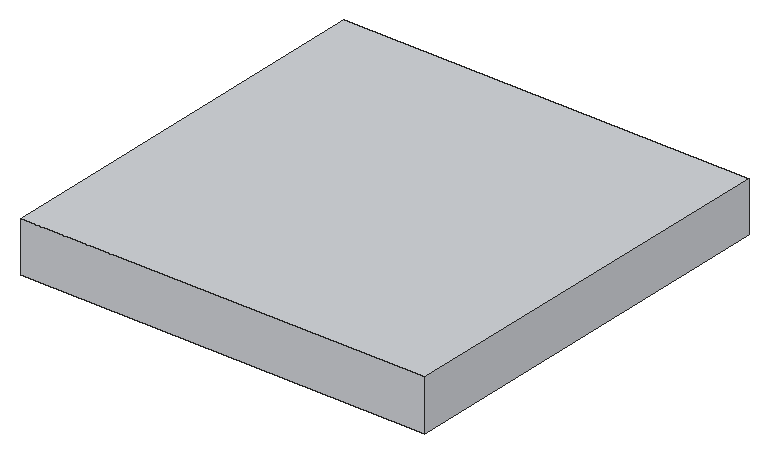
Revit family "00-9036-CV-A1", category Luminarias, Revit 2019
Family settings
  Anfitrión = Cara
  Cota de conector redondo = Diámetro de uso
  Tipo de pieza = Normal
  Número OmniClass = 23.80.70.00
  Título OmniClass = Lighting
  Corte con vacíos al cargar = No
  Origen de luz = No
  Compartido = Sí
  Punto de cálculo de habitación = No
Parameters (values of type "00-9036-CV-A1")
  Versión = "v1"
  Vatios (W) = 15
  Tipo de regulación = ""
  Tipo = "Pendant"
  Tender text (English) = "LedsC4 Keops 2 Bodies Big 00-9036-CV-A1  Pendant for indoor use.  Structure material: Aluminium. Structure finish: Multi-coloured. Warranty: 5 Years.  Product net weight (Kg): 1.71 Product width or diameter (mm): 500 Product height (mm): 2800  Class 2. IP: IP20. Total power: 15. Power factor: NULL."
  Tender text (Castellano) = "LedsC4 Keops 2 Bodies Big 00-9036-CV-A1  Pendant for indoor use.  Structure material: Aluminium. Structure finish: Multi-coloured. Warranty: 5 Years.  Product net weight (Kg): 1.71 Product width or diameter (mm): 500 Product height (mm): 2800  Class 2. IP: IP20. Total power: 15. Power factor: NULL."
  Temperatura color led (K) = ""
  Referencia = "00-9036-CV-A1"
  Rayo de luz = "SPOT+HONEYCOMB"
  Producto descatalogado = "Catalogado EN"
  Pluma comercial = ""
  Peso neto (KG) = 1.71
  Material = "Aluminium"
  Lumenes reales (lm) = 576
  LDT = "https://files.ledsc4.com/ldt/00-9036-CV-A1.html"
  Imagen web = "https://files.ledsc4.com/main-photo/00-9036-CV-A1"
  IfcExportType = "NOTDEFINED"
  IfcExportAs = "IfcLightFixture\r\nIfcLightFixture"
  IP = "IP20"
  IMC = "https://files.ledsc4.com/imc/00-9036-CV-A1.html"
  IK = ""
  Fuente de luz = ""
  Fotometría = "https://files.ledsc4.com/fm/00-9036-CV-A1.html"
  Ficha = "https://files.ledsc4.com/ft/en/00-9036-CV-A1.html"
  FechaVersion = "Creada: 09/03/2024"
  Familia = "Keops 2 Bodies Big"
  Fabricante = "LEDS C4"  # constant formula
  Etiqueta V/f = "100-240V/50-60Hz"
  Elevación por defecto = 1000 mm
  Eficiencia energética = "NA EPREL"
  EAN13 = "8445386732077"
  DescripcionUniformat2010 = "Lighting"
  DescripcionUniclass2015 = "Lighting"
  DescripcionOmniclass = "Lighting"
  DescripcionGubimclass = "Iluminación interior"
  CodigoUniformat2010 = "D5040"
  CodigoUniclass2015 = "EF_70_80"
  CodigoOmniclass = "21-04 50 40"
  CodigoGubimclass = "50.60.50.20"
  Catálogo = "Decorative"
  Carga aparente = 0 VA
  CRI = 0
  Acabado = "Multi-coloured"
Reference planes
  plane 1 "Centro (Frontal/Posterior)": y = 0
  plane 2: z = 0
  plane 3 "Centro (Izquierda/Derecha)": x = 0
  plane 4 "Elevación de origen de luz": z = 0
  plane 5 "Eje de origen de luz (F/P)": y = 0
  plane 6 "Eje de origen de luz (I/D)": x = 0
Forms (mm)
  Extrusion 1, solid
    sketch origin (0, 0, 0) x (1, 0, 0) y (0, 1, 0)
      loop
        line (-1219.2, 1219.2) -> (-1219.2, -1219.2) -> (1219.2, -1219.2) -> (1219.2, 1219.2) -> (-1219.2, 1219.2)
    from 0 to -304.8
Dimensions and locks
  aligned and locked: plane 2 to Extrusion 1
  aligned and locked: level to Extrusion 1
Connectors
  electrical at (0, 0, 0)
    settings: on Extrusion 1, index 1, voltage 0 V, apparent load 0 VA, apparent load phase1 0 VA, apparent load phase2 0 VA, apparent load phase3 0 VA, power factor 1, load classification "Otro", number of poles 1, system type 31, power factor state 1, is connector primary yes, connector utility no, sub classification motor no, connector description ""
